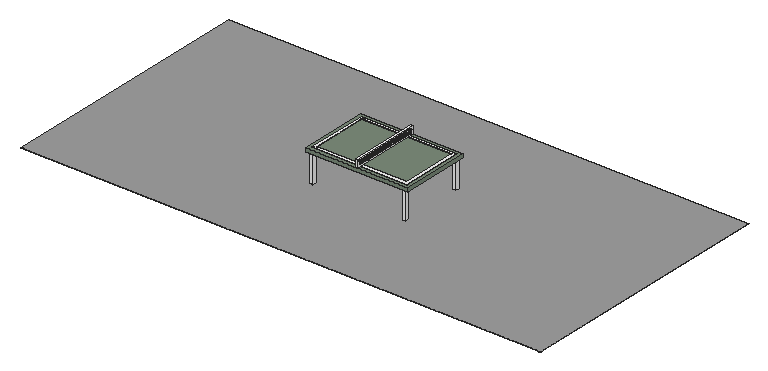
Revit family
Parameters (values of type "2750 x 1850 mm")
  Width of Court = 7000 mm
  Table Material = Green
  Table Height = 750 mm
  Length of Court = 14000 mm
  Frame Material = White
  Court Material = Concrete
Reference planes
  plane 1 "Center (Front/Back)": y = 0
  plane 2: z = 0
  plane 3 "Center (Left/Right)": x = 0
  plane 4: z = 750
  plane 5: x = -7000
  plane 6: x = 7000
  plane 7: y = 3500
  plane 8: y = -3500
  plane 9: x = -1375
  plane 10: x = 1375
  plane 11: y = 925
  plane 12: y = -925
Forms (mm)
  Extrusion 1, solid, material "Concrete" <- "Court Material"
    sketch origin (0, 0, 0) x (1, 0, 0) y (0, 1, 0)
      loop
        line (-7000, 3500) -> (-7000, -3500) -> (7000, -3500) -> (7000, 3500) -> (-7000, 3500)
    from 0 to 2
  Extrusion 2, solid, material "White" <- "Frame Material"
    sketch origin (0, 0, 0) x (1, 0, 0) y (0, 1, 0)
      loop
        line (-1287.542, 885.131) -> (-1287.542, 805.131) -> (-1207.542, 805.131) -> (-1207.542, 885.131) -> (-1287.542, 885.131)
      loop
        line (1287.542, 885.131) -> (1207.542, 885.131) -> (1207.542, 805.131) -> (1287.542, 805.131) -> (1287.542, 885.131)
      loop
        line (1287.542, -885.131) -> (1287.542, -805.131) -> (1207.542, -805.131) -> (1207.542, -885.131) -> (1287.542, -885.131)
      loop
        line (-1287.542, -885.131) -> (-1207.542, -885.131) -> (-1207.542, -805.131) -> (-1287.542, -805.131) -> (-1287.542, -885.131)
    from 0 to 750
  Extrusion 3, solid, material "Green" <- "Table Material"
    sketch origin (0, 0, 750) x (0, -1, 0) y (-1, 0, 0)
      loop
        line (-925, 1375) -> (-925, -1375) -> (925, -1375) -> (925, 1375) -> (-925, 1375)
    from 0 to -100
  Extrusion 4, solid, material "White" <- "Frame Material"
    sketch origin (0, 0, 0) x (0, 1, 0) y (0, 0, 1)
      loop
        line (925, 850) -> (925, 1050) -> (-925, 1050) -> (-925, 850) -> (925, 850)
      loop
        line (900, 875) -> (900, 1025) -> (-900, 1025) -> (-900, 875) -> (900, 875)
    from -20 to 20
  Extrusion 5, solid, material "White" <- "Frame Material"
    sketch origin (0, 0, 750) x (0, -1, 0) y (-1, 0, 0)
      loop
        line (-845.131, 1287.542) -> (-845.131, -1287.542) -> (845.131, -1287.542) -> (845.131, 1287.542) -> (-845.131, 1287.542)
      loop
        line (-770.131, 1212.542) -> (-770.131, -1212.542) -> (770.131, -1212.542) -> (770.131, 1212.542) -> (-770.131, 1212.542)
    from -100 to -102
  Extrusion 6, solid, material "White" <- "Frame Material"
    sketch origin (0, 0, 0) x (0, 1, 0) y (0, 0, 1)
      loop
        line (900, 1025) -> (890, 1025) -> (772.807, 875) -> (782.807, 875) -> (900, 1025)
      loop
        line (780, 1025) -> (770, 1025) -> (652.807, 875) -> (662.807, 875) -> (780, 1025)
      loop
        line (660, 1025) -> (650, 1025) -> (532.807, 875) -> (542.807, 875) -> (660, 1025)
      loop
        line (540, 1025) -> (530, 1025) -> (412.807, 875) -> (422.807, 875) -> (540, 1025)
      loop
        line (420, 1025) -> (410, 1025) -> (292.807, 875) -> (302.807, 875) -> (420, 1025)
      loop
        line (300, 1025) -> (290, 1025) -> (172.807, 875) -> (182.807, 875) -> (300, 1025)
      loop
        line (180, 1025) -> (170, 1025) -> (52.807, 875) -> (62.807, 875) -> (180, 1025)
      loop
        line (60, 1025) -> (50, 1025) -> (-67.193, 875) -> (-57.193, 875) -> (60, 1025)
      loop
        line (-60, 1025) -> (-70, 1025) -> (-187.193, 875) -> (-177.193, 875) -> (-60, 1025)
      loop
        line (-180, 1025) -> (-190, 1025) -> (-307.193, 875) -> (-297.193, 875) -> (-180, 1025)
      loop
        line (-300, 1025) -> (-310, 1025) -> (-427.193, 875) -> (-417.193, 875) -> (-300, 1025)
      loop
        line (-420, 1025) -> (-430, 1025) -> (-547.193, 875) -> (-537.193, 875) -> (-420, 1025)
      loop
        line (-540, 1025) -> (-550, 1025) -> (-667.193, 875) -> (-657.193, 875) -> (-540, 1025)
      loop
        line (-660, 1025) -> (-670, 1025) -> (-787.193, 875) -> (-777.193, 875) -> (-660, 1025)
      loop
        line (-780, 1025) -> (-790, 1025) -> (-907.193, 875) -> (-897.193, 875) -> (-780, 1025)
    from -10 to 10
  Extrusion 7, solid, material "White" <- "Frame Material"
    sketch origin (0, 0, 1900) x (0, 1, 0) y (0, 0, 1)
      loop
        line (900, -1025) -> (782.807, -875) -> (772.807, -875) -> (890, -1025) -> (900, -1025)
      loop
        line (780, -1025) -> (662.807, -875) -> (652.807, -875) -> (770, -1025) -> (780, -1025)
      loop
        line (660, -1025) -> (542.807, -875) -> (532.807, -875) -> (650, -1025) -> (660, -1025)
      loop
        line (540, -1025) -> (422.807, -875) -> (412.807, -875) -> (530, -1025) -> (540, -1025)
      loop
        line (420, -1025) -> (302.807, -875) -> (292.807, -875) -> (410, -1025) -> (420, -1025)
      loop
        line (300, -1025) -> (182.807, -875) -> (172.807, -875) -> (290, -1025) -> (300, -1025)
      loop
        line (180, -1025) -> (62.807, -875) -> (52.807, -875) -> (170, -1025) -> (180, -1025)
      loop
        line (60, -1025) -> (-57.193, -875) -> (-67.193, -875) -> (50, -1025) -> (60, -1025)
      loop
        line (-60, -1025) -> (-177.193, -875) -> (-187.193, -875) -> (-70, -1025) -> (-60, -1025)
      loop
        line (-180, -1025) -> (-297.193, -875) -> (-307.193, -875) -> (-190, -1025) -> (-180, -1025)
      loop
        line (-300, -1025) -> (-417.193, -875) -> (-427.193, -875) -> (-310, -1025) -> (-300, -1025)
      loop
        line (-420, -1025) -> (-537.193, -875) -> (-547.193, -875) -> (-430, -1025) -> (-420, -1025)
      loop
        line (-540, -1025) -> (-657.193, -875) -> (-667.193, -875) -> (-550, -1025) -> (-540, -1025)
      loop
        line (-660, -1025) -> (-777.193, -875) -> (-787.193, -875) -> (-670, -1025) -> (-660, -1025)
      loop
        line (-780, -1025) -> (-897.193, -875) -> (-907.193, -875) -> (-790, -1025) -> (-780, -1025)
    from -10 to 10
  Extrusion 8, solid, material "White" <- "Frame Material"
    sketch origin (0, -50, 1900) x (0, 1, 0) y (0, 0, 1)
      loop
        line (900, -1025) -> (782.807, -875) -> (772.807, -875) -> (890, -1025) -> (900, -1025)
      loop
        line (780, -1025) -> (662.807, -875) -> (652.807, -875) -> (770, -1025) -> (780, -1025)
      loop
        line (660, -1025) -> (542.807, -875) -> (532.807, -875) -> (650, -1025) -> (660, -1025)
      loop
        line (540, -1025) -> (422.807, -875) -> (412.807, -875) -> (530, -1025) -> (540, -1025)
      loop
        line (420, -1025) -> (302.807, -875) -> (292.807, -875) -> (410, -1025) -> (420, -1025)
      loop
        line (300, -1025) -> (182.807, -875) -> (172.807, -875) -> (290, -1025) -> (300, -1025)
      loop
        line (180, -1025) -> (62.807, -875) -> (52.807, -875) -> (170, -1025) -> (180, -1025)
      loop
        line (60, -1025) -> (-57.193, -875) -> (-67.193, -875) -> (50, -1025) -> (60, -1025)
      loop
        line (-60, -1025) -> (-177.193, -875) -> (-187.193, -875) -> (-70, -1025) -> (-60, -1025)
      loop
        line (-180, -1025) -> (-297.193, -875) -> (-307.193, -875) -> (-190, -1025) -> (-180, -1025)
      loop
        line (-300, -1025) -> (-417.193, -875) -> (-427.193, -875) -> (-310, -1025) -> (-300, -1025)
      loop
        line (-420, -1025) -> (-537.193, -875) -> (-547.193, -875) -> (-430, -1025) -> (-420, -1025)
      loop
        line (-540, -1025) -> (-657.193, -875) -> (-667.193, -875) -> (-550, -1025) -> (-540, -1025)
      loop
        line (-660, -1025) -> (-777.193, -875) -> (-787.193, -875) -> (-670, -1025) -> (-660, -1025)
      loop
        line (950, -935.404) -> (902.807, -875) -> (892.807, -875) -> (950, -948.204) -> (950, -935.404)
      loop
        line (-780, -1025) -> (-850, -935.404) -> (-850, -948.204) -> (-790, -1025) -> (-780, -1025)
    from -10 to 10
  Extrusion 9, solid, material "White" <- "Frame Material"
    sketch origin (0, -60, 0) x (0, 1, 0) y (0, 0, 1)
      loop
        line (900, 1025) -> (890, 1025) -> (772.807, 875) -> (782.807, 875) -> (900, 1025)
      loop
        line (780, 1025) -> (770, 1025) -> (652.807, 875) -> (662.807, 875) -> (780, 1025)
      loop
        line (660, 1025) -> (650, 1025) -> (532.807, 875) -> (542.807, 875) -> (660, 1025)
      loop
        line (540, 1025) -> (530, 1025) -> (412.807, 875) -> (422.807, 875) -> (540, 1025)
      loop
        line (420, 1025) -> (410, 1025) -> (292.807, 875) -> (302.807, 875) -> (420, 1025)
      loop
        line (300, 1025) -> (290, 1025) -> (172.807, 875) -> (182.807, 875) -> (300, 1025)
      loop
        line (180, 1025) -> (170, 1025) -> (52.807, 875) -> (62.807, 875) -> (180, 1025)
      loop
        line (60, 1025) -> (50, 1025) -> (-67.193, 875) -> (-57.193, 875) -> (60, 1025)
      loop
        line (-60, 1025) -> (-70, 1025) -> (-187.193, 875) -> (-177.193, 875) -> (-60, 1025)
      loop
        line (-180, 1025) -> (-190, 1025) -> (-307.193, 875) -> (-297.193, 875) -> (-180, 1025)
      loop
        line (-300, 1025) -> (-310, 1025) -> (-427.193, 875) -> (-417.193, 875) -> (-300, 1025)
      loop
        line (-420, 1025) -> (-430, 1025) -> (-547.193, 875) -> (-537.193, 875) -> (-420, 1025)
      loop
        line (-540, 1025) -> (-550, 1025) -> (-667.193, 875) -> (-657.193, 875) -> (-540, 1025)
      loop
        line (-660, 1025) -> (-670, 1025) -> (-787.193, 875) -> (-777.193, 875) -> (-660, 1025)
      loop
        line (-780, 1025) -> (-790, 1025) -> (-840, 961.003) -> (-840, 948.204) -> (-780, 1025)
      loop
        line (960, 948.204) -> (960, 961.003) -> (892.807, 875) -> (902.807, 875) -> (960, 948.204)
    from -10 to 10
Lines and regions (mm)
  symbolic lines
    curve 1: line (-1375, 925, 0) -> (1375, 925, 0)
    curve 2: line (-1375, -925, 0) -> (-1375, 925, 0)
    curve 3: line (1375, -925, 0) -> (-1375, -925, 0)
    curve 4: line (1375, 925, 0) -> (1375, -925, 0)
    curve 5: line (-1287.542, 845.131, 0) -> (1287.542, 845.131, 0)
    curve 6: line (-1287.542, -845.131, 0) -> (-1287.542, 845.131, 0)
    curve 7: line (1287.542, -845.131, 0) -> (-1287.542, -845.131, 0)
    curve 8: line (1287.542, 845.131, 0) -> (1287.542, -845.131, 0)
    curve 9: line (-1212.542, 770.131, 0) -> (1212.542, 770.131, 0)
    curve 10: line (-1212.542, -770.131, 0) -> (-1212.542, 770.131, 0)
    curve 11: line (1212.542, -770.131, 0) -> (-1212.542, -770.131, 0)
    curve 12: line (1212.542, 770.131, 0) -> (1212.542, -770.131, 0)
    curve 13: line (-20, 925, 0) -> (20, 925, 0)
    curve 14: line (-20, -925, 0) -> (-20, 925, 0)
    curve 15: line (20, -925, 0) -> (-20, -925, 0)
    curve 16: line (20, 925, 0) -> (20, -925, 0)
    curve 17: line (-7000, -3500, 0) -> (7000, -3500, 0)
    curve 18: line (-7000, 3500, 0) -> (-7000, -3500, 0)
    curve 19: line (7000, 3500, 0) -> (-7000, 3500, 0)
    curve 20: line (7000, -3500, 0) -> (7000, 3500, 0)
Dimensions and locks
  "Table Height": plane 4 to level
  plane 5 to plane 6 = 14000 mm
  plane 8 to plane 7 = 7000 mm
  plane 9 to plane 10 = 2750 mm
  plane 12 to plane 11 = 1850 mm
  aligned and locked: plane 4 to Extrusion 2
  aligned and locked: Extrusion 4 sketch curve to Extrusion 3  (x2)
  aligned and locked: Extrusion 3 to Extrusion 4 sketch curve
  aligned and locked: Extrusion 5 sketch curve to Extrusion 2  (x2)
  aligned and locked: Extrusion 4 to Extrusion 6 sketch curve  (x2)
  aligned and locked: Extrusion 4 to Extrusion 8 sketch curve
  aligned and locked: Extrusion 8 sketch curve to Extrusion 4
  aligned and locked: Extrusion 8 to Extrusion 9 sketch curve
  aligned and locked: Extrusion 4 to Extrusion 9 sketch curve
  aligned and locked: plane 5 to Extrusion 1
  aligned and locked: Extrusion 1 to plane 6
  aligned and locked: plane 7 to Extrusion 1
  aligned and locked: Extrusion 1 to plane 8
Automatic sketch dimensions
  plane 1 "Center (Front/Back)" to Extrusion 1 sketch curve = 3500 mm
  Extrusion 1 sketch curve to plane 3 "Center (Left/Right)" = 7000 mm
  plane 3 "Center (Left/Right)" to Extrusion 1 sketch curve = 7000 mm
  Extrusion 1 sketch curve to plane 1 "Center (Front/Back)" = 3500 mm
  Extrusion 2 sketch curve to plane 3 "Center (Left/Right)" = 1287.542 mm  (x2)
  Extrusion 2 sketch curve to Extrusion 2 sketch curve = 80 mm  (x8)
  plane 3 "Center (Left/Right)" to Extrusion 2 sketch curve = 1207.542 mm  (x2)
  plane 1 "Center (Front/Back)" to Extrusion 2 sketch curve = 885.131 mm  (x2)
  Extrusion 2 sketch curve to plane 1 "Center (Front/Back)" = 805.131 mm  (x2)
  Extrusion 3 sketch curve to plane 1 "Center (Front/Back)" = 925 mm
  plane 1 "Center (Front/Back)" to Extrusion 3 sketch curve = 925 mm
  Extrusion 3 sketch curve to plane 3 "Center (Left/Right)" = 1375 mm
  plane 3 "Center (Left/Right)" to Extrusion 3 sketch curve = 1375 mm
  Extrusion 4 sketch curve to Extrusion 4 sketch curve = 25 mm  (x4)
  Extrusion 4 sketch curve to Extrusion 4 sketch curve = 150 mm
  Extrusion 5 sketch curve to plane 1 "Center (Front/Back)" = 845.131 mm
  plane 1 "Center (Front/Back)" to Extrusion 5 sketch curve = 845.131 mm
  Extrusion 5 sketch curve to Extrusion 5 sketch curve = 75 mm  (x4)
  Extrusion 6 sketch curve to Extrusion 6 sketch curve = 10 mm  (x30)
  Extrusion 6 sketch curve to Extrusion 6 sketch curve = 107.193 mm
  Extrusion 6 sketch curve to plane 4 = 275 mm  (x4)
  Extrusion 6 sketch curve to Extrusion 6 sketch curve = 110 mm  (x24)
  Extrusion 6 sketch curve to plane 4 = 125 mm  (x8)
  Extrusion 6 sketch curve to plane 1 "Center (Front/Back)" = 62.807 mm
  Extrusion 6 sketch curve to plane 1 "Center (Front/Back)" = 60 mm
  plane 1 "Center (Front/Back)" to Extrusion 6 sketch curve = 57.193 mm
  plane 1 "Center (Front/Back)" to Extrusion 6 sketch curve = 60 mm
  Extrusion 6 sketch curve to Extrusion 6 sketch curve = 0 mm  (x15)
  Extrusion 6 sketch curve to Extrusion 6 sketch curve = 150 mm  (x2)
  Extrusion 7 sketch curve to plane 4 = 275 mm  (x5)
  plane 1 "Center (Front/Back)" to Extrusion 7 sketch curve = 907.193 mm
  Extrusion 7 sketch curve to Extrusion 7 sketch curve = 10 mm  (x30)
  Extrusion 7 sketch curve to Extrusion 7 sketch curve = 107.193 mm
  Extrusion 7 sketch curve to Extrusion 7 sketch curve = 110 mm  (x24)
  Extrusion 7 sketch curve to plane 4 = 125 mm  (x8)
  plane 1 "Center (Front/Back)" to Extrusion 7 sketch curve = 70 mm
  plane 1 "Center (Front/Back)" to Extrusion 7 sketch curve = 67.193 mm
  Extrusion 7 sketch curve to plane 1 "Center (Front/Back)" = 50 mm
  Extrusion 7 sketch curve to plane 1 "Center (Front/Back)" = 52.807 mm
  Extrusion 7 sketch curve to Extrusion 7 sketch curve = 0 mm  (x16)
  Extrusion 7 sketch curve to Extrusion 7 sketch curve = 150 mm
  Extrusion 8 sketch curve to plane 1 "Center (Front/Back)" = 0 mm
  plane 1 "Center (Front/Back)" to Extrusion 8 sketch curve = 107.193 mm
  Extrusion 8 sketch curve to Extrusion 8 sketch curve = 110 mm  (x24)
  Extrusion 8 sketch curve to Extrusion 8 sketch curve = 10 mm  (x29)
  Extrusion 8 sketch curve to plane 4 = 125 mm  (x9)
  Extrusion 8 sketch curve to plane 4 = 275 mm  (x5)
  Extrusion 8 sketch curve to Extrusion 8 sketch curve = 62.807 mm
  Extrusion 8 sketch curve to plane 1 "Center (Front/Back)" = 2.807 mm
  Extrusion 8 sketch curve to plane 1 "Center (Front/Back)" = 10 mm
  Extrusion 8 sketch curve to Extrusion 8 sketch curve = 60 mm
  Extrusion 8 sketch curve to Extrusion 8 sketch curve = 57.193 mm
  Extrusion 8 sketch curve to Extrusion 8 sketch curve = 0 mm  (x14)
  Extrusion 8 sketch curve to Extrusion 8 sketch curve = 12.799 mm  (x2)
  Extrusion 8 sketch curve to Extrusion 8 sketch curve = 76.796 mm
  Extrusion 8 sketch curve to Extrusion 8 sketch curve = 150 mm
  Extrusion 8 sketch curve to Extrusion 8 sketch curve = 60.404 mm
  Extrusion 8 sketch curve to Extrusion 8 sketch curve = 73.204 mm
  Extrusion 9 sketch curve to plane 1 "Center (Front/Back)" = 0 mm
  Extrusion 9 sketch curve to Extrusion 9 sketch curve = 50 mm
  Extrusion 9 sketch curve to plane 4 = 125 mm  (x10)
  Extrusion 9 sketch curve to Extrusion 9 sketch curve = 52.807 mm
  Extrusion 9 sketch curve to Extrusion 9 sketch curve = 10 mm  (x29)
  Extrusion 9 sketch curve to Extrusion 9 sketch curve = 110 mm  (x24)
  Extrusion 9 sketch curve to plane 4 = 275 mm  (x4)
  plane 1 "Center (Front/Back)" to Extrusion 9 sketch curve = 7.193 mm
  Extrusion 9 sketch curve to plane 1 "Center (Front/Back)" = 2.807 mm
  Extrusion 9 sketch curve to plane 1 "Center (Front/Back)" = 110 mm
  Extrusion 9 sketch curve to Extrusion 9 sketch curve = 57.193 mm
  Extrusion 9 sketch curve to Extrusion 9 sketch curve = 0 mm  (x14)
  Extrusion 9 sketch curve to Extrusion 9 sketch curve = 12.799 mm  (x2)
  Extrusion 9 sketch curve to Extrusion 9 sketch curve = 73.204 mm  (x2)
  Extrusion 9 sketch curve to Extrusion 9 sketch curve = 150 mm
  Extrusion 9 sketch curve to Extrusion 9 sketch curve = 63.997 mm
  curve 18 to plane 5 = 0 mm
  curve 3 to plane 9 = 0 mm
  curve 13 to plane 11 = 0 mm
  curve 15 to plane 12 = 0 mm
  curve 4 to plane 10 = 0 mm
  curve 19 to plane 6 = 0 mm
  curve 17 to plane 8 = 0 mm
  curve 3 to plane 12 = 0 mm
  curve 1 to plane 11 = 0 mm
  curve 19 to plane 7 = 0 mm
  plane 9 to curve 5 = 87.458 mm
  curve 5 to curve 10 = 75 mm
  curve 13 to plane 3 "Center (Left/Right)" = 20 mm
  plane 3 "Center (Left/Right)" to curve 15 = 20 mm
  curve 12 to plane 10 = 162.458 mm
  curve 8 to plane 10 = 87.458 mm
  curve 7 to plane 12 = 79.869 mm
  curve 7 to curve 11 = 75 mm
  plane 11 to curve 9 = 154.869 mm
  plane 11 to curve 8 = 79.869 mm
